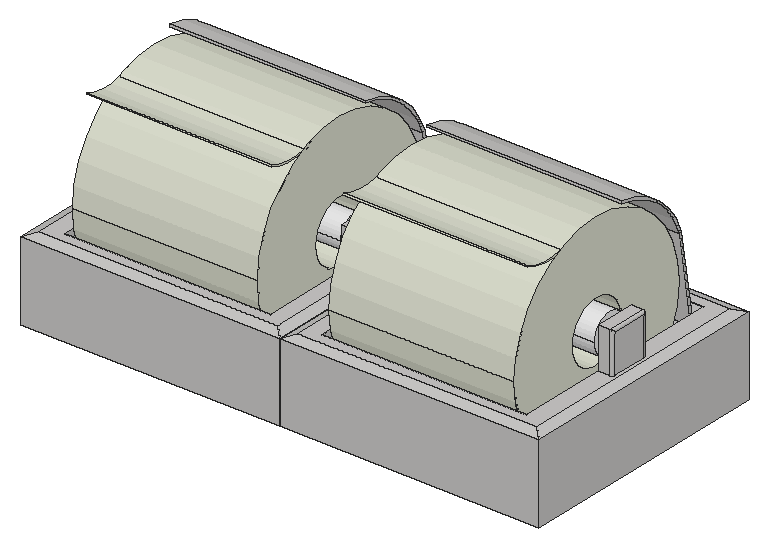
Revit family "Toilet_Tissue_Dispenser-Bradley_Corp-5126", category Specialty Equipment, host Face, Revit 2012
Parameters (values of type "5126-52")
  Width = 12.625"
  Warranty Information = "Complete Unit 1 Year Warranty. This Warranty does not cover installation or any other labor charges and does not apply to any units which have been damaged by abuse, improper installation, imporper maintanence, or altered in any way."
  Version = "2.0"
  Unit Material = Metal - Bradley Corp - Stainless Steel - Bright Polish
  URL = "http://www.bradleycorp.com/"
  Type Comments = "Bright Finish Stainless Steel, Anti-Theft Spindle"
  Technical Data = "n/a"
  Spindle Material = Plastic - Bradley Corp - White
  Specifications URL = "http://www.bradleycorp.com/3partspec"
  Product Tech Data URL - Spanish = ""
  Product Tech Data URL - French = ""
  Product Tech Data URL - English = "http://bradleycorp.com/download/307/8490.pdf"
  Percentage of Recycled Content = 0
  Paper Product Visibility [instance] = yes
  OmniClass Table 23 Title = "Toilet Paper Dispensers"
  OmniClass Table 23 Number = "23.31.25.21"
  OmniClass Table 21 Title = "Toilet, Bath, and Laundry Accessories"
  OmniClass Table 21 Number = "21-03 10 90 40"
  Modeling Code = "n/a"
  Model = "5126-52"
  Material Note = "n/a"
  MasterFormat Title = "Toilet, Bath, and Laundry Accessories"
  MasterFormat Number = "10 28 00"
  Manufacturer = "Bradley Corporation"
  Low Emitting Material = no
  LEED Credit = ""
  Industry Standards = "n/a"
  Height = 6.375"
  Fire Rating = "n/a"
  Description = "Toilet Tissue Dispenser"
  Depth = 2.000"
  Default Elevation = 48.000"
  Copyright = "This Model is Property of Bradley Corporation"
  Complies to NAFTA = "n/a"
  Buy American Act = "To Be Determined"
  Assembly Code = "C1030200"
  ADA Compliant = "Yes"
Types (3): name | Type Comments | Spindle Material | Model
  (no name) | "Bright Finish Stainless Steel, Anti-Theft Spindle" | Plastic - Bradley Corp - White | "5126-52"
  5126 | "Bright Finish Stainless Steel" | Plastic - Bradley Corp - Chrome | "5126"
  5126-52 | "Bright Finish Stainless Steel, Anti-Theft Spindle" | Plastic - Bradley Corp - White | "5126-52"
Reference planes (in)
  plane 1 "Center (Front/Back)": y = 0
  plane 2: z = 0
  plane 3 "Center (Left/Right)": x = 0
  plane 4 "Top": y = 3.1875
  plane 5 "Left": x = -6.3125
  plane 6 "Right": x = 6.3125
  plane 7 "Bottom": y = -3.1875
  plane 8 "Front": z = 2
Forms (in)
  Extrusion 1, solid, material "Paper - Bradley Corp- White", visible <- "Paper Product Visibility", detail levels fine
    sketch origin (-3.125, -0.26982, -0.3908) x (0, 1, 0) y (0, 0, 1)
      loop
        circle (0, 3.0625) r 2.5
      loop
        circle (0, 3.0625) r 0.75
    from -2.25 to 2.25
  Extrusion 2, solid, material "Paper - Bradley Corp- White", visible <- "Paper Product Visibility", detail levels medium
    sketch origin (-3.125, -0.26982, -0.3908) x (0, 1, 0) y (0, 0, 1)
      loop
        arc (0.65732, 5.47454) -> (-2.47567, 2.71457) -> (1.2967, 0.92508) r 2.5
        line (1.2967, 0.92508) -> (0.65732, 5.47454)
    from -2.25 to 2.25
  Extrusion 3, solid, material "Metal - Bradley Corp - Stainless Steel - Bright Polish" <- "Unit Material", detail levels coarse+medium
    sketch origin (-3.125, 0, 0) x (1, 0, 0) y (0, 1, 0)
      loop
        line (-3.1875, 3.1875) -> (-3.1875, -3.1875) -> (3.125, -3.1875) -> (3.125, 3.1875) -> (-3.1875, 3.1875)
      loop
        line (-2.5, 2.6875) -> (-2.5, -2.6875) -> (2.5, -2.6875) -> (2.5, 2.6875) -> (-2.5, 2.6875)
    from 0 to 2
  Extrusion 4, solid, material "Plastic - Bradley Corp - White" <- "Spindle Material", detail levels fine
    sketch origin (-3.12373, 0, -0.45952) x (0, 1, 0) y (0, 0, 1)
      loop
        circle (0, 3.02345) r 0.48047
    from -2.38009 to 0.39286
  Extrusion 5, solid, material "Plastic - Bradley Corp - White" <- "Spindle Material", detail levels fine
    sketch origin (-3.12373, 0, -0.45952) x (0, 1, 0) y (0, 0, 1)
      loop
        circle (0, 3.02345) r 0.39844
    from 0.39286 to 2.38009
  Extrusion 6, solid, material "Plastic - Bradley Corp - White" <- "Spindle Material", detail levels fine
    sketch origin (-3.12373, 0, -0.45952) x (0, 1, 0) y (0, 0, 1)
      loop
        circle (0, 3.02345) r 0.30078
    from -2.50127 to -2.38009
  Extrusion 7, solid, material "Plastic - Bradley Corp - White" <- "Spindle Material", detail levels fine
    sketch origin (-3.12373, 0, -0.45952) x (0, 1, 0) y (0, 0, -1)
      loop
        circle (0, -3.02345) r 0.30078
    from -2.49873 to -2.38009
  Extrusion 8, solid, material "Plastic - Bradley Corp - White" <- "Spindle Material", detail levels coarse+medium
    sketch origin (-3.12373, 0, -0.45952) x (0, 1, 0) y (0, 0, 1)
      loop
        circle (0, 3.0174) r 0.48043
    from -2.50127 to 2.49873
  Extrusion 9, solid, material "Metal - Bradley Corp - Stainless Steel - Bright Polish" <- "Unit Material", detail levels coarse+medium
    sketch origin (-3.125, 0, 1.75) x (0, 1, 0) y (0, 0, 1)
      loop
        line (-0.5, 0.25) -> (0.5, 0.25) -> (0.5, 1.25) -> (-0.5, 1.25) -> (-0.5, 0.25)
    from 2.5 to 2.844
  Extrusion 10, solid, material "Metal - Bradley Corp - Stainless Steel - Bright Polish" <- "Unit Material", detail levels coarse+medium
    sketch origin (-8.5625, 0, 1.75) x (0, 1, 0) y (0, 0, 1)
      loop
        line (-0.5, 0.25) -> (0.5, 0.25) -> (0.5, 1.25) -> (-0.5, 1.25) -> (-0.5, 0.25)
    from 2.5935 to 2.9375
  Extrusion 11, solid, material "Metal - Bradley Corp - Stainless Steel - Bright Polish" <- "Unit Material", detail levels fine
    sketch origin (-3.125, 0, 1.75) x (0, 1, 0) y (0, 0, 1)
      loop
        line (-0.5, 0.25) -> (0.5, 0.25) -> (0.5, 1.25) -> (-0.5, 1.25) -> (-0.5, 0.25)
    from 2.5 to 2.844
  Extrusion 12, solid, material "Metal - Bradley Corp - Stainless Steel - Bright Polish" <- "Unit Material", detail levels fine
    sketch origin (-8.5625, 0, 1.75) x (0, 1, 0) y (0, 0, 1)
      loop
        line (-0.5, 0.25) -> (0.5, 0.25) -> (0.5, 1.25) -> (-0.5, 1.25) -> (-0.5, 0.25)
    from 2.5935 to 2.9375
  Sweep 13, void
    path origin (-3.125, 0, -4.25) x (0, 1, 0) y (0, 0, 1)
      loop
        line (0.5, 6.25) -> (0.5, 7.25) -> (-0.5, 7.25) -> (-0.5, 6.25)
    profile origin (-3.125, 0, 3) x (0, 0, -1) y (1, 0, 0)
      loop
        line (0, -2.77682) -> (-0.27045, -2.77682) -> (-0.27045, -3.094) -> (0.06718, -3.094) -> (0.06718, -2.844)
        arc (0.06718, -2.844) -> (0.01968, -2.82432) -> (0, -2.77682) r 0.06718
      loop
        arc (0, 2.77682) -> (0.01968, 2.82432) -> (0.06718, 2.844) r 0.06718
        line (0.06718, 2.844) -> (0.06718, 3.094) -> (-0.27045, 3.094) -> (-0.27045, 2.77682) -> (0, 2.77682)
  Extrusion 14, solid, material "Metal - Bradley Corp - Stainless Steel - Bright Polish" <- "Unit Material"
    sketch origin (-3.125, 0, 0) x (0, 1, 0) y (0, 0, 1)
      loop
        line (-2.6875, 2) -> (-2.6875, 0) -> (2.6875, 0) -> (2.6875, 2)
        arc (2.6875, 2) -> (0, 0.04715) -> (-2.6875, 2) r 2.82569
    from -2.5 to 2.5
  Extrusion 15, solid, material "Metal - Bradley Corp - Stainless Steel - Bright Polish" <- "Unit Material", detail levels fine
    sketch origin (-3.125, 0, 0) x (1, 0, 0) y (0, 1, 0)
      loop
        line (-3.1875, 3.1875) -> (-3.1875, -3.1875) -> (3.125, -3.1875) -> (3.125, 3.1875) -> (-3.1875, 3.1875)
      loop
        line (-2.5, 2.6875) -> (-2.5, -2.6875) -> (2.5, -2.6875) -> (2.5, 2.6875) -> (-2.5, 2.6875)
    from 0 to 2
  Sweep 16, void
    path in 3D
      loop
        line (-6.3125, -3.1875, 2) -> (0, -3.1875, 2) -> (0, 3.1875, 2) -> (-6.3125, 3.1875, 2) -> (-6.3125, -3.1875, 2)
    profile origin (-6.3125, 0, 2) x (1, 0, 0) y (0, 0, 1)
      loop
        line (0.25, 0) -> (0.25, 0.15817) -> (-0.11636, 0.15817) -> (-0.11636, -0.13334) -> (0.25, 0)
  Extrusion 17, solid, material "Metal - Bradley Corp - Stainless Steel - Bright Polish" <- "Unit Material", detail levels fine
    sketch origin (-3.125, 0, 0) x (0, 1, 0) y (0, 0, 1)
      loop
        line (2.44581, 1.64549) -> (2.4952, 1.65331) -> (2.15088, 3.82727)
        arc (2.15088, 3.82727) -> (1.4632, 4.8101) -> (0.35982, 5.28067) r 2.18107
        line (0.35982, 5.28067) -> (0.35361, 5.23106)
        arc (0.35361, 5.23106) -> (1.43, 4.77265) -> (2.10218, 3.81509) r 2.13107
        line (2.10218, 3.81509) -> (2.44581, 1.64549)
    from -2.37882 to 2.38135
  Extrusion 18, solid, material "Metal - Bradley Corp - Stainless Steel - Bright Polish" <- "Unit Material", detail levels coarse+medium
    sketch origin (-3.125, 0, 0) x (0, 1, 0) y (0, 0, 1)
      loop
        line (0.35982, 5.28067) -> (0.9011, 1.42928) -> (2.4952, 1.65331) -> (2.15088, 3.82727)
        arc (2.15088, 3.82727) -> (1.4632, 4.8101) -> (0.35982, 5.28067) r 2.18107
    from -2.37882 to 2.38135
  Extrusion 19, solid, material "Paper - Bradley Corp- White", visible <- "Paper Product Visibility", detail levels fine
    sketch origin (-0.625, 0.10699, -0.22837) x (0, 1, 0) y (0, 0, 1)
      loop
        arc (-1.1875, 5.24488) -> (-1.8125, 5.10487) -> (-2.4375, 5.24488) r 1.46508
        line (-2.4375, 5.24488) -> (-2.45083, 5.21661)
        arc (-2.45083, 5.21661) -> (-1.8069, 5.07364) -> (-1.16405, 5.22143) r 1.49633
        line (-1.16405, 5.22143) -> (-1.1875, 5.24488)
    from -4.75 to -0.25
  Extrusion 20, solid, material "Paper - Bradley Corp- White", visible <- "Paper Product Visibility", detail levels fine
    sketch origin (3.125, -0.26982, -0.3908) x (0, 1, 0) y (0, 0, -1)
      loop
        circle (0, -3.0625) r 2.5
      loop
        circle (0, -3.0625) r 0.75
    from -2.25 to 2.25
  Extrusion 21, solid, material "Paper - Bradley Corp- White", visible <- "Paper Product Visibility", detail levels medium
    sketch origin (3.125, -0.26982, -0.3908) x (0, 1, 0) y (0, 0, -1)
      loop
        line (0.65732, -5.47454) -> (1.2967, -0.92508)
        arc (1.2967, -0.92508) -> (-2.47567, -2.71457) -> (0.65732, -5.47454) r 2.5
    from -2.25 to 2.25
  Extrusion 22, solid, material "Metal - Bradley Corp - Stainless Steel - Bright Polish" <- "Unit Material", detail levels coarse+medium
    sketch origin (3.125, 0, 0) x (-1, 0, 0) y (0, -1, 0)
      loop
        line (-3.1875, -3.1875) -> (3.125, -3.1875) -> (3.125, 3.1875) -> (-3.1875, 3.1875) -> (-3.1875, -3.1875)
      loop
        line (-2.5, -2.6875) -> (2.5, -2.6875) -> (2.5, 2.6875) -> (-2.5, 2.6875) -> (-2.5, -2.6875)
    from 0 to 2
  Extrusion 23, solid, material "Plastic - Bradley Corp - White" <- "Spindle Material", detail levels fine
    sketch origin (3.12373, 0, -0.45952) x (0, 1, 0) y (0, 0, -1)
      loop
        circle (0, -3.02345) r 0.48047
    from -2.38009 to 0.39286
  Extrusion 24, solid, material "Plastic - Bradley Corp - White" <- "Spindle Material", detail levels fine
    sketch origin (3.12373, 0, -0.45952) x (0, 1, 0) y (0, 0, -1)
      loop
        circle (0, -3.02345) r 0.39844
    from 0.39286 to 2.38009
  Extrusion 25, solid, material "Plastic - Bradley Corp - White" <- "Spindle Material", detail levels fine
    sketch origin (3.12373, 0, -0.45952) x (0, 1, 0) y (0, 0, -1)
      loop
        circle (0, -3.02345) r 0.30078
    from -2.50127 to -2.38009
  Extrusion 26, solid, material "Plastic - Bradley Corp - White" <- "Spindle Material", detail levels fine
    sketch origin (3.12373, 0, -0.45952) x (0, 1, 0) y (0, 0, 1)
      loop
        circle (0, 3.02345) r 0.30078
    from -2.49873 to -2.38009
  Extrusion 27, solid, material "Plastic - Bradley Corp - White" <- "Spindle Material", detail levels coarse+medium
    sketch origin (3.12373, 0, -0.45952) x (0, 1, 0) y (0, 0, -1)
      loop
        circle (0, -3.0174) r 0.48043
    from -2.50127 to 2.49873
  Extrusion 28, solid, material "Metal - Bradley Corp - Stainless Steel - Bright Polish" <- "Unit Material", detail levels coarse+medium
    sketch origin (3.125, 0, 1.75) x (0, 1, 0) y (0, 0, -1)
      loop
        line (-0.5, -0.25) -> (-0.5, -1.25) -> (0.5, -1.25) -> (0.5, -0.25) -> (-0.5, -0.25)
    from 2.5 to 2.844
  Extrusion 29, solid, material "Metal - Bradley Corp - Stainless Steel - Bright Polish" <- "Unit Material", detail levels coarse+medium
    sketch origin (8.5625, 0, 1.75) x (0, 1, 0) y (0, 0, -1)
      loop
        line (-0.5, -0.25) -> (-0.5, -1.25) -> (0.5, -1.25) -> (0.5, -0.25) -> (-0.5, -0.25)
    from 2.5935 to 2.9375
  Extrusion 30, solid, material "Metal - Bradley Corp - Stainless Steel - Bright Polish" <- "Unit Material", detail levels fine
    sketch origin (3.125, 0, 1.75) x (0, 1, 0) y (0, 0, -1)
      loop
        line (-0.5, -0.25) -> (-0.5, -1.25) -> (0.5, -1.25) -> (0.5, -0.25) -> (-0.5, -0.25)
    from 2.5 to 2.844
  Extrusion 31, solid, material "Metal - Bradley Corp - Stainless Steel - Bright Polish" <- "Unit Material", detail levels fine
    sketch origin (8.5625, 0, 1.75) x (0, 1, 0) y (0, 0, -1)
      loop
        line (-0.5, -0.25) -> (-0.5, -1.25) -> (0.5, -1.25) -> (0.5, -0.25) -> (-0.5, -0.25)
    from 2.5935 to 2.9375
  Sweep 32, void
    path origin (3.125, 0, -4.25) x (0, 1, 0) y (0, 0, -1)
      loop
        line (0.5, -6.25) -> (0.5, -7.25) -> (-0.5, -7.25) -> (-0.5, -6.25)
    profile origin (3.125, 0, 3) x (0, 0, 1) y (-1, 0, 0)
      loop
        arc (0, -2.77682) -> (-0.01968, -2.82432) -> (-0.06718, -2.844) r 0.06718
        line (-0.06718, -2.844) -> (-0.06718, -3.094) -> (0.27045, -3.094) -> (0.27045, -2.77682) -> (0, -2.77682)
      loop
        line (0, 2.77682) -> (0.27045, 2.77682) -> (0.27045, 3.094) -> (-0.06718, 3.094) -> (-0.06718, 2.844)
        arc (-0.06718, 2.844) -> (-0.01968, 2.82432) -> (0, 2.77682) r 0.06718
  Extrusion 33, solid, material "Metal - Bradley Corp - Stainless Steel - Bright Polish" <- "Unit Material"
    sketch origin (3.125, 0, 0) x (0, 1, 0) y (0, 0, -1)
      loop
        arc (-2.6875, -2) -> (0, -0.04715) -> (2.6875, -2) r 2.82569
        line (2.6875, -2) -> (2.6875, 0) -> (-2.6875, 0) -> (-2.6875, -2)
    from -2.5 to 2.5
  Extrusion 34, solid, material "Metal - Bradley Corp - Stainless Steel - Bright Polish" <- "Unit Material", detail levels fine
    sketch origin (3.125, 0, 0) x (-1, 0, 0) y (0, -1, 0)
      loop
        line (-3.1875, -3.1875) -> (3.125, -3.1875) -> (3.125, 3.1875) -> (-3.1875, 3.1875) -> (-3.1875, -3.1875)
      loop
        line (-2.5, -2.6875) -> (2.5, -2.6875) -> (2.5, 2.6875) -> (-2.5, 2.6875) -> (-2.5, -2.6875)
    from 0 to 2
  Sweep 35, void
    path in 3D
      loop
        line (6.3125, -3.1875, 2) -> (0, -3.1875, 2) -> (0, 3.1875, 2) -> (6.3125, 3.1875, 2) -> (6.3125, -3.1875, 2)
    profile origin (6.3125, 0, 2) x (1, 0, 0) y (0, 0, 1)
      loop
        line (-0.25, 0) -> (0.11636, -0.13334) -> (0.11636, 0.15817) -> (-0.25, 0.15817) -> (-0.25, 0)
  Extrusion 36, solid, material "Metal - Bradley Corp - Stainless Steel - Bright Polish" <- "Unit Material", detail levels fine
    sketch origin (3.125, 0, 0) x (0, 1, 0) y (0, 0, -1)
      loop
        line (2.44581, -1.64549) -> (2.10218, -3.81509)
        arc (2.10218, -3.81509) -> (1.43, -4.77265) -> (0.35361, -5.23106) r 2.13107
        line (0.35361, -5.23106) -> (0.35982, -5.28067)
        arc (0.35982, -5.28067) -> (1.4632, -4.8101) -> (2.15088, -3.82727) r 2.18107
        line (2.15088, -3.82727) -> (2.4952, -1.65331) -> (2.44581, -1.64549)
    from -2.37882 to 2.38135
  Extrusion 37, solid, material "Metal - Bradley Corp - Stainless Steel - Bright Polish" <- "Unit Material", detail levels coarse+medium
    sketch origin (3.125, 0, 0) x (0, 1, 0) y (0, 0, -1)
      loop
        arc (0.35982, -5.28067) -> (1.4632, -4.8101) -> (2.15088, -3.82727) r 2.18107
        line (2.15088, -3.82727) -> (2.4952, -1.65331) -> (0.9011, -1.42928) -> (0.35982, -5.28067)
    from -2.37882 to 2.38135
  Extrusion 38, solid, material "Paper - Bradley Corp- White", visible <- "Paper Product Visibility", detail levels fine
    sketch origin (0.625, 0.10699, -0.22837) x (0, 1, 0) y (0, 0, -1)
      loop
        line (-1.1875, -5.24488) -> (-1.16405, -5.22143)
        arc (-1.16405, -5.22143) -> (-1.8069, -5.07364) -> (-2.45083, -5.21661) r 1.49633
        line (-2.45083, -5.21661) -> (-2.4375, -5.24488)
        arc (-2.4375, -5.24488) -> (-1.8125, -5.10487) -> (-1.1875, -5.24488) r 1.46508
    from -4.75 to -0.25
Cuts and joins
  Sweep 13, Sweep 32, Sweep 35 cuts Extrusion 1
  Sweep 13, Sweep 32, Sweep 35 cuts Extrusion 2
  Sweep 13, Sweep 32 cuts Extrusion 3
  Sweep 13, Sweep 32, Sweep 35 cuts Extrusion 4
  Sweep 13, Sweep 32 cuts Extrusion 5
  Sweep 13, Sweep 32 cuts Extrusion 6
  Sweep 13, Sweep 32 cuts Extrusion 7
  Sweep 13, Sweep 32, Sweep 35 cuts Extrusion 8
  Sweep 13, Sweep 32, Sweep 35 cuts Extrusion 11
  Sweep 13, Sweep 32, Sweep 35 cuts Extrusion 12
  Sweep 13, Sweep 32, Sweep 35 cuts Extrusion 14
  Sweep 13, Sweep 16, Sweep 32 cuts Extrusion 15
  Sweep 13, Sweep 32, Sweep 35 cuts Extrusion 17
  Sweep 13, Sweep 32, Sweep 35 cuts Extrusion 18
  Sweep 32 cuts Extrusion 9
  Sweep 32 cuts Extrusion 10
  Sweep 32 cuts Extrusion 20
  Sweep 32 cuts Extrusion 21
  Sweep 32 cuts Extrusion 22
  Sweep 32 cuts Extrusion 23
  Sweep 32 cuts Extrusion 24
  Sweep 32 cuts Extrusion 25
  Sweep 32 cuts Extrusion 26
  Sweep 32 cuts Extrusion 27
  Sweep 32 cuts Extrusion 30
  Sweep 32 cuts Extrusion 31
  Sweep 32 cuts Extrusion 33
  Sweep 32, Sweep 35 cuts Extrusion 34
  Sweep 32 cuts Extrusion 36
  Sweep 32 cuts Extrusion 37
Lines and regions (in)
  Masking region 1
    outline origin (0, 0, 0) x (1, 0, 0) y (0, 1, 0)
      loop
        line (-6.3125, 3.1875) -> (-6.3125, -3.1875) -> (6.3125, -3.1875) -> (6.3125, 3.1875) -> (-6.3125, 3.1875)
  Masking region 2
    outline origin (0, 0, 0) x (0, 1, 0) y (0, 0, 1)
      loop
        line (3.1875, 0) -> (3.1875, 1.90901) -> (2.9375, 2) -> (2.44029, 2) -> (2.15088, 3.82727)
        arc (2.15088, 3.82727) -> (1.4632, 4.8101) -> (0.35982, 5.28067) r 2.18107
        line (0.35982, 5.28067) -> (0.82089, 2) -> (0.5, 2) -> (0.5, 3) -> (-0.5, 3) -> (-0.5, 2) -> (-2.9375, 2) -> (-3.1875, 1.90901) -> (-3.1875, 0) -> (3.1875, 0)
  Masking region 3, visible <- "Paper Product Visibility", detail levels fine
    outline origin (0, 0, 0) x (0, 1, 0) y (0, 0, 1)
      loop
        line (-2.6779, 2) -> (0.82089, 2) -> (0.38749, 5.08374)
        arc (0.38749, 5.08374) -> (-2.04286, 4.43418) -> (-2.6779, 2) r 2.5
  Masking region 4
    outline origin (0, 0, 0) x (1, 0, 0) y (0, 0, 1)
      loop
        line (0, 0) -> (6.3125, 0) -> (6.3125, 1.90901) -> (6.0625, 2) -> (5.50382, 2) -> (5.50382, 5.28067) -> (0.74365, 5.28067) -> (0.74365, 2) -> (-0.74365, 2) -> (-0.74365, 5.28067) -> (-5.50382, 5.28067) -> (-5.50382, 2) -> (-6.0625, 2) -> (-6.3125, 1.90901) -> (-6.3125, 0) -> (0, 0)
  sketch lines
    curve 1: line (-6.3125, 3.1875, 2) -> (-6.3125, -3.1875, 2)
    curve 2: line (0, 3.1875, 2) -> (-6.3125, 3.1875, 2)
    curve 3: line (0, -3.1875, 2) -> (0, 3.1875, 2)
    curve 4: line (-6.3125, -3.1875, 2) -> (0, -3.1875, 2)
    curve 5: line (6.3125, 3.1875, 2) -> (6.3125, -3.1875, 2)
    curve 6: line (0, 3.1875, 2) -> (6.3125, 3.1875, 2)
    curve 7: line (0, -3.1875, 2) -> (0, 3.1875, 2)
    curve 8: line (6.3125, -3.1875, 2) -> (0, -3.1875, 2)
  symbolic lines
    curve 9: line (-5.625, 2.6875, 0) -> (-0.625, 2.6875, 0)
    curve 10: line (-5.625, -2.6875, 0) -> (-5.625, 2.6875, 0)
    curve 11: line (-0.625, -2.6875, 0) -> (-5.625, -2.6875, 0)
    curve 12: line (-0.625, 2.6875, 0) -> (-0.625, -2.6875, 0)
    curve 13: line (0.625, 2.6875, 0) -> (5.625, 2.6875, 0)
    curve 14: line (0.625, -2.6875, 0) -> (0.625, 2.6875, 0)
    curve 15: line (5.625, -2.6875, 0) -> (0.625, -2.6875, 0)
    curve 16: line (5.625, 2.6875, 0) -> (5.625, -2.6875, 0)
    curve 32: line (-5.50382, 0, 2) -> (-0.74365, 0, 2)
    curve 33: line (0.74365, 0, 2) -> (5.50382, 0, 2)
  symbolic lines, detail levels medium+fine
    curve 17: line (-2.73087, -0.48047, 0) -> (-2.73087, 0.48047, 0)
    curve 18: line (-2.73087, -0.48047, 0) -> (-5.625, -0.48047, 0)
    curve 19: line (-2.73087, 0.48047, 0) -> (-5.625, 0.48047, 0)
    curve 20: line (-0.625, -0.39844, 0) -> (-2.73087, -0.39844, 0)
    curve 21: line (-0.625, 0.39844, 0) -> (-2.73087, 0.39844, 0)
    curve 22: line (2.73087, 0.39844, 0) -> (2.73087, -0.39844, 0)
    curve 23: line (0.625, -0.39844, 0) -> (2.73087, -0.39844, 0)
    curve 24: line (5.625, -0.48047, 0) -> (2.73087, -0.48047, 0)
    curve 25: line (0.74365, 0.39844, 0) -> (2.73087, 0.39844, 0)
    curve 26: line (2.73087, 0.48047, 0) -> (5.375, 0.48047, 0)
    curve 27: line (5.375, 0.48047, 0) -> (5.625, 0.48047, 0)
    curve 28: line (2.73087, -0.39844, 0) -> (2.73087, -0.48047, 0)
    curve 29: line (2.73087, 0.39844, 0) -> (2.73087, 0.48047, 0)
    curve 30: line (0, -0.5, 2) -> (0, 0.5, 2)
    curve 31: line (0, 0.82089, 2) -> (0, 2.44029, 2)
Dimensions and locks (in)
  "Height": plane 4 "Top" to plane 7 "Bottom"
  equal spacing: plane 6 "Right", plane 3 "Center (Left/Right)", plane 5 "Left"
  "Width": plane 6 "Right" to plane 5 "Left"
  "Depth": plane 8 "Front" to plane 2
  equal spacing: plane 4 "Top", plane 1 "Center (Front/Back)", plane 7 "Bottom"
  Extrusion 9 sketch curve to Extrusion 9 sketch curve = 1.000"
  locked: Extrusion 9 sketch curve to Extrusion 9 sketch curve at 1
  locked: Extrusion 10 sketch curve to Extrusion 10 sketch curve at 1
  Extrusion 10 sketch curve to Extrusion 10 sketch curve = 1.000"
  Extrusion 11 sketch curve to Extrusion 11 sketch curve = 1.000"
  locked: Extrusion 11 sketch curve to Extrusion 11 sketch curve at 1
  locked: Extrusion 12 sketch curve to Extrusion 12 sketch curve at 1
  Extrusion 12 sketch curve to Extrusion 12 sketch curve = 1.000"
  Extrusion 28 sketch curve to Extrusion 28 sketch curve = 1.000"
  locked: Extrusion 28 sketch curve to Extrusion 28 sketch curve at 1
  locked: Extrusion 29 sketch curve to Extrusion 29 sketch curve at 1
  Extrusion 29 sketch curve to Extrusion 29 sketch curve = 1.000"
  Extrusion 30 sketch curve to Extrusion 30 sketch curve = 1.000"
  locked: Extrusion 30 sketch curve to Extrusion 30 sketch curve at 1
  locked: Extrusion 31 sketch curve to Extrusion 31 sketch curve at 1
  Extrusion 31 sketch curve to Extrusion 31 sketch curve = 1.000"
  aligned and locked: plane 2 to host face
  aligned and locked: level to host face
  aligned and locked: Sweep 13 sketch curve to Extrusion 11  (x2)
  aligned and locked: Sweep 32 sketch curve to Extrusion 30
  aligned and locked: Extrusion 30 to Sweep 32 sketch curve
  aligned and locked: Masking region 1 sketch curve to cut or joined group of Extrusion 3, Sweep 13, Sweep 32  (x2)
  aligned and locked: Masking region 1 sketch curve to cut or joined group of Extrusion 22, Sweep 32  (x2)
  aligned and locked: Masking region 2 sketch curve to cut or joined group of Sweep 32, Extrusion 34, Sweep 35  (x5)
  aligned and locked: cut or joined group of Sweep 32, Extrusion 37 to Masking region 2 sketch curve
  aligned and locked: Masking region 2 sketch curve to cut or joined group of Sweep 32, Extrusion 37  (x2)
  aligned and locked: Masking region 2 sketch curve to cut or joined group of Sweep 13, Extrusion 15, Sweep 16, Sweep 32
  aligned and locked: Masking region 2 sketch curve to Extrusion 29  (x3)
  aligned and locked: Masking region 3 sketch curve to cut or joined group of Extrusion 21, Sweep 32
  aligned and locked: cut or joined group of Extrusion 22, Sweep 32 to Masking region 3 sketch curve
  aligned and locked: cut or joined group of Sweep 32, Extrusion 37 to Masking region 3 sketch curve
  aligned and locked: Masking region 4 sketch curve to cut or joined group of Sweep 32, Extrusion 34, Sweep 35  (x4)
  aligned and locked: Masking region 4 sketch curve to cut or joined group of Sweep 13, Extrusion 15, Sweep 16, Sweep 32  (x4)
  aligned and locked: Masking region 4 sketch curve to cut or joined group of Sweep 32, Extrusion 37  (x2)
  aligned and locked: cut or joined group of Sweep 32, Extrusion 37 to Masking region 4 sketch curve
  aligned and locked: Masking region 4 sketch curve to cut or joined group of Sweep 13, Extrusion 18, Sweep 32, Sweep 35  (x2)
  aligned and locked: cut or joined group of Sweep 13, Extrusion 18, Sweep 32, Sweep 35 to Masking region 4 sketch curve
Automatic sketch dimensions
  host sketch curve to host sketch curve = 15.22226"
  host sketch curve to host sketch curve = 9.79667"
  Extrusion 1 sketch curve to Extrusion 1 sketch curve = 0.000"  (x2)
  plane 1 "Center (Front/Back)" to Extrusion 1 sketch curve = 0.26982"
  plane 8 "Front" to Extrusion 1 sketch curve = 0.6717"
  plane 1 "Center (Front/Back)" to Extrusion 2 sketch curve = 0.26982"
  Extrusion 2 sketch curve to plane 1 "Center (Front/Back)" = 0.38749"
  Extrusion 2 sketch curve to plane 1 "Center (Front/Back)" = 1.02688"
  level to Extrusion 2 sketch curve = 0.53428"
  plane 8 "Front" to Extrusion 2 sketch curve = 0.6717"
  Extrusion 3 sketch curve to plane 5 "Left" = 0.000"
  Extrusion 3 sketch curve to plane 3 "Center (Left/Right)" = 0.000"
  Extrusion 3 sketch curve to plane 7 "Bottom" = 0.000"
  Extrusion 3 sketch curve to plane 4 "Top" = 0.000"
  plane 5 "Left" to Extrusion 3 sketch curve = 0.6875"
  Extrusion 3 sketch curve to plane 3 "Center (Left/Right)" = 0.625"
  plane 7 "Bottom" to Extrusion 3 sketch curve = 0.500"
  Extrusion 3 sketch curve to plane 4 "Top" = 0.500"
  Extrusion 4 sketch curve to plane 1 "Center (Front/Back)" = 0.000"
  plane 8 "Front" to Extrusion 4 sketch curve = 0.56393"
  Extrusion 5 sketch curve to plane 1 "Center (Front/Back)" = 0.000"
  plane 8 "Front" to Extrusion 5 sketch curve = 0.56393"
  Extrusion 6 sketch curve to plane 1 "Center (Front/Back)" = 0.000"
  plane 8 "Front" to Extrusion 6 sketch curve = 0.56393"
  Extrusion 7 sketch curve to plane 1 "Center (Front/Back)" = 0.000"
  plane 8 "Front" to Extrusion 7 sketch curve = 0.56393"
  Extrusion 8 sketch curve to plane 1 "Center (Front/Back)" = 0.000"
  plane 8 "Front" to Extrusion 8 sketch curve = 0.55788"
  Extrusion 9 sketch curve to plane 8 "Front" = 0.000"
  plane 1 "Center (Front/Back)" to Extrusion 9 sketch curve = 0.500"
  Extrusion 9 sketch curve to Extrusion 9 sketch curve = 1.000"
  Extrusion 10 sketch curve to plane 8 "Front" = 0.000"
  plane 1 "Center (Front/Back)" to Extrusion 10 sketch curve = 0.500"
  Extrusion 10 sketch curve to Extrusion 10 sketch curve = 1.000"
  Extrusion 11 sketch curve to plane 8 "Front" = 0.000"
  plane 1 "Center (Front/Back)" to Extrusion 11 sketch curve = 0.500"
  Extrusion 11 sketch curve to Extrusion 11 sketch curve = 1.000"
  Extrusion 12 sketch curve to plane 8 "Front" = 0.000"
  plane 1 "Center (Front/Back)" to Extrusion 12 sketch curve = 0.500"
  Extrusion 12 sketch curve to Extrusion 12 sketch curve = 1.000"
  Sweep 13 sketch curve to plane 8 "Front" = 0.000"  (x2)
  plane 1 "Center (Front/Back)" to Sweep 13 sketch curve = 0.500"
  Sweep 13 sketch curve to profile plane = 0.000"  (x2)
  profile plane to Sweep 13 sketch curve = 0.27045"  (x2)
  Sweep 13 sketch curve to profile plane = 0.06718"  (x2)
  Sweep 13 sketch curve to profile plane = 3.094"
  Sweep 13 sketch curve to Sweep 13 sketch curve = 0.250"
  profile plane to Sweep 13 sketch curve = 2.77682"
  Sweep 13 sketch curve to Sweep 13 sketch curve = 0.31718"
  Extrusion 14 sketch curve to level = 0.000"
  Extrusion 14 sketch curve to plane 8 "Front" = 0.000"  (x2)
  Extrusion 14 sketch curve to plane 1 "Center (Front/Back)" = 0.000"
  plane 7 "Bottom" to Extrusion 14 sketch curve = 0.500"
  plane 8 "Front" to Extrusion 14 sketch curve = 0.87284"
  Extrusion 15 sketch curve to plane 5 "Left" = 0.000"
  Extrusion 15 sketch curve to plane 3 "Center (Left/Right)" = 0.000"
  Extrusion 15 sketch curve to plane 7 "Bottom" = 0.000"
  Extrusion 15 sketch curve to plane 4 "Top" = 0.000"
  plane 5 "Left" to Extrusion 15 sketch curve = 0.6875"
  Extrusion 15 sketch curve to plane 3 "Center (Left/Right)" = 0.625"
  plane 7 "Bottom" to Extrusion 15 sketch curve = 0.500"
  Extrusion 15 sketch curve to plane 4 "Top" = 0.500"
  Sweep 16 sketch curve to profile plane = 0.000"
  profile plane to Sweep 16 sketch curve = 0.11636"
  Sweep 16 sketch curve to profile plane = 0.250"
  Sweep 16 sketch curve to profile plane = 0.13334"
  profile plane to Sweep 16 sketch curve = 0.15817"
  Extrusion 17 sketch curve to Extrusion 17 sketch curve = 0.000"  (x2)
  Extrusion 17 sketch curve to plane 1 "Center (Front/Back)" = 0.08887"
  Extrusion 17 sketch curve to plane 1 "Center (Front/Back)" = 0.35361"
  Extrusion 17 sketch curve to Extrusion 17 sketch curve = 0.00621"
  Extrusion 17 sketch curve to plane 4 "Top" = 1.08532"
  Extrusion 17 sketch curve to Extrusion 17 sketch curve = 0.04869"
  Extrusion 17 sketch curve to plane 8 "Front" = 0.35451"
  Extrusion 17 sketch curve to plane 4 "Top" = 0.74169"
  level to Extrusion 17 sketch curve = 1.65331"
  Extrusion 17 sketch curve to Extrusion 17 sketch curve = 0.04938"
  plane 8 "Front" to Extrusion 17 sketch curve = 1.1165"
  Extrusion 18 sketch curve to plane 1 "Center (Front/Back)" = 0.08887"
  Extrusion 18 sketch curve to plane 1 "Center (Front/Back)" = 0.35982"
  Extrusion 18 sketch curve to plane 1 "Center (Front/Back)" = 0.9011"
  Extrusion 18 sketch curve to plane 4 "Top" = 1.03662"
  Extrusion 18 sketch curve to plane 4 "Top" = 0.6923"
  Extrusion 18 sketch curve to plane 8 "Front" = 0.57072"
  Extrusion 18 sketch curve to Extrusion 18 sketch curve = 0.22404"
  Extrusion 18 sketch curve to Extrusion 18 sketch curve = 1.68722"
  Extrusion 19 sketch curve to Extrusion 19 sketch curve = 0.000"  (x2)
  plane 7 "Bottom" to Extrusion 19 sketch curve = 0.84366"
  Extrusion 19 sketch curve to Extrusion 19 sketch curve = 0.01333"
  Extrusion 19 sketch curve to Extrusion 19 sketch curve = 0.625"
  plane 1 "Center (Front/Back)" to Extrusion 19 sketch curve = 1.08051"
  Extrusion 19 sketch curve to Extrusion 19 sketch curve = 0.02345"
  plane 8 "Front" to Extrusion 19 sketch curve = 2.98824"
  Extrusion 19 sketch curve to Extrusion 19 sketch curve = 0.00482"
  Extrusion 19 sketch curve to Extrusion 19 sketch curve = 0.02826"
  Extrusion 20 sketch curve to Extrusion 20 sketch curve = 0.000"  (x2)
  plane 1 "Center (Front/Back)" to Extrusion 20 sketch curve = 0.26982"
  plane 8 "Front" to Extrusion 20 sketch curve = 0.6717"
  plane 1 "Center (Front/Back)" to Extrusion 21 sketch curve = 0.26982"
  Extrusion 21 sketch curve to plane 1 "Center (Front/Back)" = 0.38749"
  Extrusion 21 sketch curve to plane 1 "Center (Front/Back)" = 1.02688"
  plane 8 "Front" to Extrusion 21 sketch curve = 3.08374"
  Extrusion 21 sketch curve to Extrusion 21 sketch curve = 2.41204"
  Extrusion 22 sketch curve to plane 6 "Right" = 0.000"
  Extrusion 22 sketch curve to plane 3 "Center (Left/Right)" = 0.000"
  Extrusion 22 sketch curve to plane 4 "Top" = 0.000"
  Extrusion 22 sketch curve to plane 7 "Bottom" = 0.000"
  Extrusion 22 sketch curve to plane 6 "Right" = 0.6875"
  plane 3 "Center (Left/Right)" to Extrusion 22 sketch curve = 0.625"
  Extrusion 22 sketch curve to plane 4 "Top" = 0.500"
  plane 7 "Bottom" to Extrusion 22 sketch curve = 0.500"
  Extrusion 23 sketch curve to plane 1 "Center (Front/Back)" = 0.000"
  plane 8 "Front" to Extrusion 23 sketch curve = 0.56393"
  Extrusion 24 sketch curve to plane 1 "Center (Front/Back)" = 0.000"
  plane 8 "Front" to Extrusion 24 sketch curve = 0.56393"
  Extrusion 25 sketch curve to plane 1 "Center (Front/Back)" = 0.000"
  plane 8 "Front" to Extrusion 25 sketch curve = 0.56393"
  Extrusion 26 sketch curve to plane 1 "Center (Front/Back)" = 0.000"
  plane 8 "Front" to Extrusion 26 sketch curve = 0.56393"
  Extrusion 27 sketch curve to plane 1 "Center (Front/Back)" = 0.000"
  plane 8 "Front" to Extrusion 27 sketch curve = 0.55788"
  Extrusion 28 sketch curve to plane 8 "Front" = 0.000"
  plane 1 "Center (Front/Back)" to Extrusion 28 sketch curve = 0.500"
  Extrusion 28 sketch curve to Extrusion 28 sketch curve = 1.000"
  Extrusion 29 sketch curve to plane 8 "Front" = 0.000"
  plane 1 "Center (Front/Back)" to Extrusion 29 sketch curve = 0.500"
  Extrusion 29 sketch curve to Extrusion 29 sketch curve = 1.000"
  Extrusion 30 sketch curve to plane 8 "Front" = 0.000"
  plane 1 "Center (Front/Back)" to Extrusion 30 sketch curve = 0.500"
  Extrusion 30 sketch curve to Extrusion 30 sketch curve = 1.000"
  Extrusion 31 sketch curve to plane 8 "Front" = 0.000"
  plane 1 "Center (Front/Back)" to Extrusion 31 sketch curve = 0.500"
  Extrusion 31 sketch curve to Extrusion 31 sketch curve = 1.000"
  Sweep 32 sketch curve to plane 8 "Front" = 0.000"  (x2)
  plane 1 "Center (Front/Back)" to Sweep 32 sketch curve = 0.500"
  Sweep 32 sketch curve to profile plane = 0.000"  (x2)
  profile plane to Sweep 32 sketch curve = 0.06718"  (x2)
  Sweep 32 sketch curve to Sweep 32 sketch curve = 0.27045"  (x2)
  Sweep 32 sketch curve to profile plane = 3.094"
  Sweep 32 sketch curve to Sweep 32 sketch curve = 0.250"
  profile plane to Sweep 32 sketch curve = 2.77682"
  Sweep 32 sketch curve to Sweep 32 sketch curve = 0.31718"
  Extrusion 33 sketch curve to level = 0.000"
  Extrusion 33 sketch curve to plane 8 "Front" = 0.000"  (x2)
  Extrusion 33 sketch curve to plane 1 "Center (Front/Back)" = 0.000"
  plane 7 "Bottom" to Extrusion 33 sketch curve = 0.500"
  plane 8 "Front" to Extrusion 33 sketch curve = 0.87284"
  Extrusion 34 sketch curve to plane 6 "Right" = 0.000"
  Extrusion 34 sketch curve to plane 3 "Center (Left/Right)" = 0.000"
  Extrusion 34 sketch curve to plane 4 "Top" = 0.000"
  Extrusion 34 sketch curve to plane 7 "Bottom" = 0.000"
  Extrusion 34 sketch curve to plane 6 "Right" = 0.6875"
  plane 3 "Center (Left/Right)" to Extrusion 34 sketch curve = 0.625"
  Extrusion 34 sketch curve to plane 4 "Top" = 0.500"
  plane 7 "Bottom" to Extrusion 34 sketch curve = 0.500"
  Extrusion 36 sketch curve to Extrusion 36 sketch curve = 0.000"  (x2)
  Extrusion 36 sketch curve to plane 1 "Center (Front/Back)" = 0.08887"
  Extrusion 36 sketch curve to plane 1 "Center (Front/Back)" = 0.35361"
  Extrusion 36 sketch curve to Extrusion 36 sketch curve = 0.00621"
  Extrusion 36 sketch curve to plane 4 "Top" = 1.08532"
  Extrusion 36 sketch curve to Extrusion 36 sketch curve = 0.04869"
  Extrusion 36 sketch curve to plane 8 "Front" = 0.35451"
  Extrusion 36 sketch curve to plane 4 "Top" = 0.74169"
  level to Extrusion 36 sketch curve = 1.65331"
  Extrusion 36 sketch curve to Extrusion 36 sketch curve = 0.04938"
  Extrusion 36 sketch curve to Extrusion 36 sketch curve = 1.41597"
  Extrusion 37 sketch curve to plane 1 "Center (Front/Back)" = 0.08887"
  Extrusion 37 sketch curve to plane 1 "Center (Front/Back)" = 0.35982"
  Extrusion 37 sketch curve to plane 1 "Center (Front/Back)" = 0.9011"
  Extrusion 37 sketch curve to plane 4 "Top" = 1.03662"
  Extrusion 37 sketch curve to plane 4 "Top" = 0.6923"
  plane 8 "Front" to Extrusion 37 sketch curve = 3.28067"
  plane 8 "Front" to Extrusion 37 sketch curve = 1.82727"
  Extrusion 37 sketch curve to plane 8 "Front" = 0.34669"
  Extrusion 38 sketch curve to Extrusion 38 sketch curve = 0.000"  (x2)
  plane 7 "Bottom" to Extrusion 38 sketch curve = 0.84366"
  Extrusion 38 sketch curve to Extrusion 38 sketch curve = 0.01333"
  Extrusion 38 sketch curve to Extrusion 38 sketch curve = 0.625"
  plane 1 "Center (Front/Back)" to Extrusion 38 sketch curve = 1.08051"
  Extrusion 38 sketch curve to Extrusion 38 sketch curve = 0.02345"  (x2)
  plane 8 "Front" to Extrusion 38 sketch curve = 4.34159"
  Extrusion 38 sketch curve to Extrusion 38 sketch curve = 1.32508"
  profile plane to Sweep 35 sketch curve = 0.250"
  Sweep 35 sketch curve to profile plane = 0.11636"
  Sweep 35 sketch curve to profile plane = 0.000"
  Sweep 35 sketch curve to profile plane = 0.13334"
  profile plane to Sweep 35 sketch curve = 0.15817"
  plane 5 "Left" to curve 9 = 0.6875"
  curve 17 to plane 1 "Center (Front/Back)" = 0.48047"
  curve 17 to plane 3 "Center (Left/Right)" = 2.73087"
  curve 21 to plane 3 "Center (Left/Right)" = 0.625"
  plane 3 "Center (Left/Right)" to curve 23 = 0.625"
  plane 3 "Center (Left/Right)" to curve 25 = 0.74365"
  curve 26 to plane 1 "Center (Front/Back)" = 0.48047"
  curve 25 to curve 26 = 1.98722"
  plane 1 "Center (Front/Back)" to curve 28 = 0.39844"
  curve 26 to plane 6 "Right" = 0.9375"
  curve 26 to curve 27 = 0.250"
  plane 1 "Center (Front/Back)" to curve 18 = 0.48047"
  curve 24 to curve 22 = 0.08203"
  plane 7 "Bottom" to curve 15 = 0.500"
  plane 7 "Bottom" to curve 12 = 0.500"
  plane 1 "Center (Front/Back)" to curve 20 = 0.39844"
  curve 21 to curve 17 = 0.08203"
  curve 25 to curve 26 = 0.08203"
  curve 14 to plane 4 "Top" = 0.500"
  curve 12 to plane 4 "Top" = 0.500"
  Masking region 2 sketch curve to plane 8 "Front" = 0.000"  (x2)
  curve 30 to plane 8 "Front" = 0.000"
  curve 31 to plane 8 "Front" = 0.000"
  plane 1 "Center (Front/Back)" to curve 30 = 0.500"
  curve 30 to plane 1 "Center (Front/Back)" = 0.500"
  curve 30 to curve 31 = 0.32089"
  curve 31 to plane 4 "Top" = 0.74721"
  Masking region 4 sketch curve to plane 3 "Center (Left/Right)" = 0.000"
  Masking region 4 sketch curve to plane 8 "Front" = 0.000"
  curve 32 to plane 8 "Front" = 0.000"
  curve 33 to plane 8 "Front" = 0.000"
  plane 5 "Left" to curve 32 = 0.80868"
  curve 32 to plane 3 "Center (Left/Right)" = 0.74365"
  plane 3 "Center (Left/Right)" to curve 33 = 0.74365"
  curve 33 to plane 6 "Right" = 0.80868"
  radius of Extrusion 1 sketch curve = 2.500"
  radius of Extrusion 1 sketch curve = 0.750"
  radius of Extrusion 4 sketch curve = 0.48047"
  radius of Extrusion 5 sketch curve = 0.39844"
  radius of Extrusion 6 sketch curve = 0.30078"
  radius of Extrusion 7 sketch curve = 0.30078"
  radius of Extrusion 8 sketch curve = 0.48043"
  radius of Extrusion 20 sketch curve = 2.500"
  radius of Extrusion 20 sketch curve = 0.750"
  radius of Extrusion 23 sketch curve = 0.48047"
  radius of Extrusion 24 sketch curve = 0.39844"
  radius of Extrusion 25 sketch curve = 0.30078"
  radius of Extrusion 26 sketch curve = 0.30078"
  radius of Extrusion 27 sketch curve = 0.48043"
